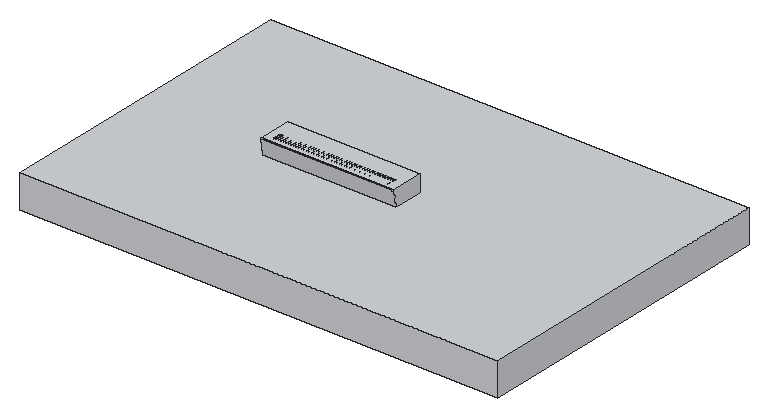
Revit family
Parameters
  Width = 1' - 0"
  URL = "www.coldspringgranite.com"
  TypicalJointSize = 0' - 0 1/4"
  StopCarborundumRight = 0' - 3"
  StopCarborundumLeft = 0' - 3"
  StoneMaterial = none
  SettingSpace = AirGap + Height  # 0' - 7 1/8"
  RightCarborundumVisibilityOn = not(RightCarborundumVisibilityOff)  # no
  RightCarborundumVisibilityOff = StopCarborundumRight > 0' 0"  # yes
  Product Name = "Stair Tread Stone for cubic Applications - Splayed Front Edge with Four Carborundum Strips"
  Product Documentation Link = "http://www.coldspringgranite.com/BIM_Families/Family_Detail/Stair_Tread_Stone_for_Cubic_Application_–_Splayed_Front_Edge_with_Four_Carborundum_Strips/"
  PhoneNumber = "800-551-7502"
  Notes = ""
  NosingRadius = 0' - 0 1/4"
  Model = "N/A"
  Manufacturer = "Cold Spring Granite Company"
  Low Emitting Material = yes
  Low Emitting Finish = yes
  Location = "17482 Granite West Road, Cold Spring, MN 56320-4578"
  Length = 4' - 0"
  LeftCarborundumVisibilityOff = StopCarborundumLeft > 0' 0"  # yes
  LEED Credit = ""
  Keynote = "096340"
  JointRightOff = no
  JointRight = if(JointRightOff, 0' 0", TypicalJointSize / 2)  # 0' - 0 1/8"
  JointLeftOff = no
  JointLeft = if(JointLeftOff, 0' 0", TypicalJointSize / 2)  # 0' - 0 1/8"
  Height = 0' - 6 1/8"
  HeadSize = 0' - 6"
  Description = "Stone Stair Tread Cubic Splayed Quadruple Carborundum"
  Default Elevation = 0' - 0"
  CarborundumWidth = 0' - 0 3/8"
  LeftCarborundumVisibilityOn = not(LeftCarborundumVisibilityOff)  # no
  CarborundumSpacing = 0' - 0 1/2"
  CarborundumSetBack = 0' - 2"
  CarborundumDepth = 0' - 0 1/4"
  BackJointWidth = 0' - 3"
  Assembly Code = "C2010100"
  AngledHeadDepth = 0' - 1"
  AirGap = 0' - 1"
  ADA Compliant = yes
Reference planes (in)
  plane 1 "Center (Front/Back)": y = 0
  plane 2: z = 0
  plane 3 "Center (Left/Right)": x = 0
  plane 4 "StoneLeft": x = 0.125
  plane 5 "StoneRight": x = 47.875
  plane 6 "Right": x = 48
  plane 7 "CarborundumLeft": x = 3.125
  plane 8 "CarborundumRight": x = 44.875
  plane 9 "StoneBack": y = 12
  plane 10 "StoneFace": z = 7.125
  plane 11 "CarborundumBottom": z = 6.875
  plane 12 "HeadBottom": z = 1.125
  plane 13 "StoneBottom": z = 1
  plane 14 "FirstCarborundumFront": y = 2
  plane 15 "FirstCarborundumBack": y = 2.375
  plane 16 "BackJoint": y = 3
  plane 17 "AngleHead": y = 1
  plane 18 "NosingRadiusBottom": z = 6.875
  plane 19 "SecondCarborundumFront": y = 2.875
  plane 20 "SecondCarborundumBack": y = 3.25
  plane 21 "ThirdCarborundumFront": y = 3.75
  plane 22 "ThirdCarborundumBack": y = 4.125
  plane 23 "FourthCarborundumFront": y = 4.625
  plane 24 "FourthCarborundumBack": y = 5
Forms (in)
  Extrusion 1, solid
    sketch origin (0, 0, 0) x (1, 0, 0) y (0, 1, 0)
      loop
        line (-48, 64.5) -> (-48, -48) -> (124.0595, -48) -> (124.0595, 64.5) -> (-48, 64.5)
    from 0 to -12
  Extrusion 2, solid, material <- "StoneMaterial", detail levels medium+fine
    sketch origin (0, 0, 0) x (0, 1, 0) y (0, 0, 1)
      loop
        line (12, 1) -> (12, 7.125) -> (0.29512, 7.125)
        arc (0.29512, 7.125) -> (0.10436, 7.03659) -> (0.04852, 6.8339) r 0.25
        line (0.04852, 6.8339) -> (1.02083, 1) -> (12, 1)
    from 0.125 to 47.875
  Extrusion 3, void
    sketch origin (0, 0, 0) x (0, 1, 0) y (0, 0, 1)
      loop
        line (2.375, 7.125) -> (2, 7.125) -> (2, 6.875) -> (2.375, 6.875) -> (2.375, 7.125)
      loop
        line (3.25, 7.125) -> (2.875, 7.125) -> (2.875, 6.875) -> (3.25, 6.875) -> (3.25, 7.125)
      loop
        line (4.125, 7.125) -> (3.75, 7.125) -> (3.75, 6.875) -> (4.125, 6.875) -> (4.125, 7.125)
      loop
        line (5, 7.125) -> (4.625, 7.125) -> (4.625, 6.875) -> (5, 6.875) -> (5, 7.125)
    from 3.125 to 44.875
  Extrusion 4, void
    sketch origin (0, 0, 0) x (0, 1, 0) y (0, 0, 1)
      loop
        line (3, 1.125) -> (1, 1.125) -> (1, 1) -> (3, 1) -> (3, 1.125)
    from 0.125 to 47.875
  Extrusion 5, solid, material <- "StoneMaterial", detail levels coarse
    sketch origin (0, 0, 0) x (0, 1, 0) y (0, 0, 1)
      loop
        line (12, 1) -> (12, 7.125) -> (0, 7.125) -> (1.02083, 1) -> (12, 1)
    from 0 to 48
Cuts and joins
  Extrusion 3, Extrusion 4 cuts Extrusion 2
Lines and regions (in)
  Masking region 1, detail levels coarse
    outline origin (0, 0, 0) x (1, 0, 0) y (0, 1, 0)
      loop
        line (0, 12) -> (0, 0) -> (48, 0) -> (48, 12) -> (0, 12)
  Masking region 2, detail levels medium+fine
    outline origin (0, 0, 0) x (1, 0, 0) y (0, 1, 0)
      loop
        line (0.125, 12) -> (0.125, 0) -> (47.875, 0) -> (47.875, 12) -> (0.125, 12)
  Masking region 3, detail levels coarse
    outline origin (0, 0, 0) x (1, 0, 0) y (0, 0, 1)
      loop
        line (0, 7.125) -> (0, 1) -> (48, 1) -> (48, 7.125) -> (0, 7.125)
  Masking region 4, detail levels medium+fine
    outline origin (0, 0, 0) x (1, 0, 0) y (0, 0, 1)
      loop
        line (0.125, 7.125) -> (0.125, 1.125) -> (47.875, 1.125) -> (47.875, 7.125) -> (0.125, 7.125)
  Masking region 5, detail levels fine
    outline origin (0, 0, 0) x (0, 1, 0) y (0, 0, 1)
      loop
        line (12, 7.125) -> (5, 7.125) -> (5, 6.875) -> (4.625, 6.875) -> (4.625, 7.125) -> (4.125, 7.125) -> (4.125, 6.875) -> (3.75, 6.875) -> (3.75, 7.125) -> (3.25, 7.125) -> (3.25, 6.875) -> (2.875, 6.875) -> (2.875, 7.125) -> (2.375, 7.125) -> (2.375, 6.875) -> (2, 6.875) -> (2, 7.125) -> (0.29512, 7.125) -> (0, 7.125) -> (0.04852, 6.8339) -> (1, 1.125) -> (3, 1.125) -> (3, 1) -> (12, 1) -> (12, 7.125)
  Masking region 6, visible <- "LeftCarborundumVisibilityOn", detail levels medium
    outline origin (0, 0, 0) x (0, 1, 0) y (0, 0, 1)
      loop
        line (12, 1) -> (12, 7.125) -> (5, 7.125) -> (5, 6.875) -> (4.625, 6.875) -> (4.625, 7.125) -> (4.125, 7.125) -> (4.125, 6.875) -> (3.75, 6.875) -> (3.75, 7.125) -> (3.25, 7.125) -> (3.25, 6.875) -> (2.875, 6.875) -> (2.875, 7.125) -> (2.375, 7.125) -> (2.375, 6.875) -> (2, 6.875) -> (2, 7.125) -> (0.29512, 7.125) -> (0, 7.125) -> (0.04852, 6.8339) -> (1, 1.125) -> (3, 1.125) -> (3, 1) -> (12, 1)
  Masking region 7, visible <- "LeftCarborundumVisibilityOff", detail levels medium
    outline origin (0, 0, 0) x (0, 1, 0) y (0, 0, 1)
      loop
        line (12, 1) -> (12, 7.125) -> (0.29512, 7.125) -> (0, 7.125) -> (0.04852, 6.8339) -> (1, 1.125) -> (3, 1.125) -> (3, 1) -> (12, 1)
  Masking region 8, detail levels coarse
    outline origin (0, 0, 0) x (0, 1, 0) y (0, 0, 1)
      loop
        line (12, 1) -> (12, 7.125) -> (0, 7.125) -> (1.02083, 1) -> (12, 1)
  Masking region 9, visible <- "RightCarborundumVisibilityOn", detail levels medium
    outline origin (48, 0, 0) x (0, 1, 0) y (0, 0, 1)
      loop
        line (0.04852, 6.8339) -> (1, 1.125) -> (3, 1.125) -> (3, 1) -> (12, 1) -> (12, 7.125) -> (5, 7.125) -> (5, 6.875) -> (4.625, 6.875) -> (4.625, 7.125) -> (4.125, 7.125) -> (4.125, 6.875) -> (3.75, 6.875) -> (3.75, 7.125) -> (3.25, 7.125) -> (3.25, 6.875) -> (2.875, 6.875) -> (2.875, 7.125) -> (2.375, 7.125) -> (2.375, 6.875) -> (2, 6.875) -> (2, 7.125) -> (0.29512, 7.125) -> (0, 7.125) -> (0.04852, 6.8339)
  Masking region 10, visible <- "RightCarborundumVisibilityOff", detail levels medium
    outline origin (48, 0, 0) x (0, 1, 0) y (0, 0, 1)
      loop
        line (0.29512, 7.125) -> (0, 7.125) -> (0.04852, 6.8339) -> (1, 1.125) -> (3, 1.125) -> (3, 1) -> (12, 1) -> (12, 7.125) -> (0.29512, 7.125)
  symbolic lines, detail levels medium+fine
    curve 1: line (3.125, 2.375, 0) -> (44.875, 2.375, 0)
    curve 2: line (44.875, 2, 0) -> (3.125, 2, 0)
    curve 3: line (44.875, 2.375, 0) -> (44.875, 2, 0)
    curve 8: line (3.125, 2.375, 0) -> (3.125, 2, 0)
    curve 9: arc (0, 0.29512, 7.125) -> (0, 0.10436, 7.03659) -> (0, 0.04852, 6.8339) r 0.25
    curve 10: line (44.875, 4.125, 0) -> (3.125, 4.125, 0)
    curve 11: line (44.875, 3.75, 0) -> (3.125, 3.75, 0)
    curve 12: line (44.875, 3.25, 0) -> (3.125, 3.25, 0)
    curve 13: line (44.875, 2.875, 0) -> (3.125, 2.875, 0)
    curve 14: line (3.125, 4.125, 0) -> (3.125, 3.75, 0)
    curve 15: line (3.125, 3.25, 0) -> (3.125, 2.875, 0)
    curve 16: line (44.875, 4.125, 0) -> (44.875, 3.75, 0)
    curve 17: line (44.875, 3.25, 0) -> (44.875, 2.875, 0)
    curve 18: line (3.125, 5, 0) -> (44.875, 5, 0)
    curve 19: line (3.125, 4.625, 0) -> (3.125, 5, 0)
    curve 20: line (44.875, 4.625, 0) -> (3.125, 4.625, 0)
    curve 21: line (44.875, 5, 0) -> (44.875, 4.625, 0)
  reference lines
    curve 4: line (0, 0, 7.125) -> (0, 1, 1.125)
    curve 5: line (0, 1.97306, -3.19269) -> (0, 0.77201, 4.01361)
    curve 6: line (0, 0.29512, 6.875) -> (0, 0.29512, 10.625)
    curve 7: line (0, 0.29512, 6.875) -> (0, -2.66407, 6.3818)
Dimensions and locks (in)
  "Length": plane 3 "Center (Left/Right)" to plane 6 "Right"
  "JointLeft": plane 3 "Center (Left/Right)" to plane 4 "StoneLeft"
  "JointRight": plane 5 "StoneRight" to plane 6 "Right"
  "Width": plane 1 "Center (Front/Back)" to plane 9 "StoneBack"
  "StopCarborundumLeft": plane 7 "CarborundumLeft" to plane 4 "StoneLeft"
  "StopCarborundumRight": plane 5 "StoneRight" to plane 8 "CarborundumRight"
  "Height": plane 10 "StoneFace" to plane 13 "StoneBottom"
  "SettingSpace": plane 10 "StoneFace" to plane 2
  "CarborundumDepth": plane 10 "StoneFace" to plane 11 "CarborundumBottom"
  "CarborundumSetBack": plane 14 "FirstCarborundumFront" to plane 1 "Center (Front/Back)"
  "CarborundumWidth": plane 15 "FirstCarborundumBack" to plane 14 "FirstCarborundumFront"
  "HeadSize": plane 10 "StoneFace" to plane 12 "HeadBottom"
  "BackJointWidth": plane 16 "BackJoint" to plane 1 "Center (Front/Back)"
  "AngledHeadDepth": plane 17 "AngleHead" to plane 1 "Center (Front/Back)"
  "NosingRadius": plane 10 "StoneFace" to plane 18 "NosingRadiusBottom"
  "NosingRadius": curve 4 to curve 5
  "CarborundumSpacing": plane 19 "SecondCarborundumFront" to plane 15 "FirstCarborundumBack"
  "CarborundumWidth": plane 20 "SecondCarborundumBack" to plane 19 "SecondCarborundumFront"
  "CarborundumSpacing": plane 21 "ThirdCarborundumFront" to plane 20 "SecondCarborundumBack"
  "CarborundumWidth": plane 22 "ThirdCarborundumBack" to plane 21 "ThirdCarborundumFront"
  "CarborundumSpacing": plane 23 "FourthCarborundumFront" to plane 22 "ThirdCarborundumBack"
  "CarborundumWidth": plane 24 "FourthCarborundumBack" to plane 23 "FourthCarborundumFront"
  "NosingRadius": radius of Extrusion 2 sketch curve
  angle plane 18 "NosingRadiusBottom" to curve 6 = 90.00°
  angle curve 5 to curve 7 = 90.00°
  aligned and locked: Extrusion 1 to plane 2
  aligned and locked: level to Extrusion 1
  aligned and locked: curve 1 to plane 15 "FirstCarborundumBack"
  aligned and locked: curve 3 to plane 8 "CarborundumRight"
  aligned and locked: plane 1 "Center (Front/Back)" to curve 4
  aligned and locked: plane 10 "StoneFace" to curve 4
  aligned and locked: plane 12 "HeadBottom" to curve 4
  aligned and locked: plane 17 "AngleHead" to curve 4
  aligned and locked: plane 9 "StoneBack" to Extrusion 2 sketch curve
  aligned and locked: plane 13 "StoneBottom" to Extrusion 2 sketch curve
  aligned and locked: plane 10 "StoneFace" to Extrusion 2 sketch curve  (x2)
  aligned and locked: curve 6 to Extrusion 2 sketch curve
  aligned and locked: curve 7 to Extrusion 2 sketch curve
  aligned and locked: curve 4 to Extrusion 2 sketch curve
  aligned and locked: plane 5 "StoneRight" to Extrusion 2
  aligned and locked: Extrusion 2 to plane 4 "StoneLeft"
  aligned and locked: Extrusion 3 sketch curve to plane 10 "StoneFace"  (x4)
  aligned and locked: Extrusion 3 sketch curve to plane 15 "FirstCarborundumBack"
  aligned and locked: plane 11 "CarborundumBottom" to Extrusion 3 sketch curve  (x4)
  aligned and locked: plane 14 "FirstCarborundumFront" to Extrusion 3 sketch curve
  aligned: plane 5 "StoneRight" to Extrusion 3
  aligned: Extrusion 3 to plane 4 "StoneLeft"
  aligned and locked: Extrusion 4 sketch curve to plane 12 "HeadBottom"
  aligned and locked: plane 16 "BackJoint" to Extrusion 4 sketch curve
  aligned and locked: plane 13 "StoneBottom" to Extrusion 4 sketch curve
  aligned and locked: Extrusion 4 sketch curve to plane 17 "AngleHead"
  aligned and locked: Extrusion 4 to plane 4 "StoneLeft"
  aligned and locked: plane 5 "StoneRight" to Extrusion 4
  aligned and locked: plane 8 "CarborundumRight" to Extrusion 3
  aligned and locked: Extrusion 3 to plane 7 "CarborundumLeft"
  aligned and locked: plane 9 "StoneBack" to Extrusion 5 sketch curve
  aligned and locked: plane 10 "StoneFace" to Extrusion 5 sketch curve
  aligned and locked: plane 13 "StoneBottom" to Extrusion 5 sketch curve
  aligned and locked: Extrusion 5 sketch curve to cut or joined group of Extrusion 2, Extrusion 3, Extrusion 4
  aligned and locked: plane 6 "Right" to Extrusion 5
  aligned and locked: Extrusion 5 to plane 3 "Center (Left/Right)"
  aligned and locked: Masking region 1 sketch curve to plane 9 "StoneBack"
  aligned and locked: plane 3 "Center (Left/Right)" to Masking region 1 sketch curve
  aligned and locked: Masking region 1 sketch curve to plane 6 "Right"
  aligned and locked: Masking region 1 sketch curve to plane 1 "Center (Front/Back)"
  aligned and locked: Masking region 2 sketch curve to plane 9 "StoneBack"
  aligned and locked: plane 4 "StoneLeft" to Masking region 2 sketch curve
  aligned and locked: Masking region 2 sketch curve to plane 5 "StoneRight"
  aligned and locked: Masking region 2 sketch curve to plane 1 "Center (Front/Back)"
  aligned and locked: cut or joined group of Extrusion 2, Extrusion 3, Extrusion 4 to curve 8
  aligned and locked: Masking region 3 sketch curve to plane 10 "StoneFace"
  aligned and locked: plane 3 "Center (Left/Right)" to Masking region 3 sketch curve
  aligned and locked: plane 13 "StoneBottom" to Masking region 3 sketch curve
  aligned and locked: Masking region 3 sketch curve to plane 6 "Right"
  aligned and locked: Masking region 4 sketch curve to plane 10 "StoneFace"
  aligned and locked: plane 4 "StoneLeft" to Masking region 4 sketch curve
  aligned and locked: Masking region 4 sketch curve to plane 5 "StoneRight"
  aligned and locked: plane 12 "HeadBottom" to Masking region 4 sketch curve
  aligned and locked: plane 10 "StoneFace" to Masking region 5 sketch curve
  aligned and locked: plane 9 "StoneBack" to Masking region 5 sketch curve
  aligned and locked: plane 13 "StoneBottom" to Masking region 5 sketch curve
  aligned and locked: plane 12 "HeadBottom" to Masking region 5 sketch curve
  aligned and locked: plane 16 "BackJoint" to Masking region 5 sketch curve
  aligned and locked: plane 15 "FirstCarborundumBack" to Masking region 5 sketch curve
  aligned and locked: plane 14 "FirstCarborundumFront" to Masking region 5 sketch curve
  aligned and locked: curve 4 to Masking region 5 sketch curve
  aligned and locked: plane 11 "CarborundumBottom" to Masking region 5 sketch curve  (x3)
  aligned and locked: curve 6 to Masking region 5 sketch curve
  aligned and locked: curve 7 to Masking region 5 sketch curve
  aligned and locked: curve 9 to cut or joined group of Extrusion 2, Extrusion 3, Extrusion 4
  aligned and locked: curve 7 to curve 9
  aligned and locked: plane 9 "StoneBack" to Masking region 6 sketch curve
  aligned and locked: plane 10 "StoneFace" to Masking region 6 sketch curve
  aligned and locked: plane 11 "CarborundumBottom" to Masking region 6 sketch curve  (x3)
  aligned and locked: plane 12 "HeadBottom" to Masking region 6 sketch curve
  aligned and locked: plane 13 "StoneBottom" to Masking region 6 sketch curve
  aligned and locked: plane 16 "BackJoint" to Masking region 6 sketch curve
  aligned and locked: plane 15 "FirstCarborundumBack" to Masking region 6 sketch curve
  aligned and locked: plane 14 "FirstCarborundumFront" to Masking region 6 sketch curve
  aligned and locked: curve 4 to Masking region 6 sketch curve
  aligned and locked: curve 6 to Masking region 6 sketch curve
  aligned and locked: curve 7 to Masking region 6 sketch curve
  aligned and locked: plane 9 "StoneBack" to Masking region 7 sketch curve
  aligned and locked: plane 13 "StoneBottom" to Masking region 7 sketch curve
  aligned and locked: plane 12 "HeadBottom" to Masking region 7 sketch curve
  aligned and locked: plane 16 "BackJoint" to Masking region 7 sketch curve
  aligned and locked: curve 4 to Masking region 7 sketch curve
  aligned and locked: curve 6 to Masking region 7 sketch curve
  aligned and locked: curve 7 to Masking region 7 sketch curve
  aligned and locked: plane 9 "StoneBack" to Masking region 8 sketch curve
  aligned and locked: plane 10 "StoneFace" to Masking region 8 sketch curve
  aligned and locked: plane 13 "StoneBottom" to Masking region 8 sketch curve
  aligned and locked: Masking region 8 sketch curve to curve 4
  aligned and locked: curve 4 to Masking region 9 sketch curve
  aligned and locked: Masking region 9 sketch curve to plane 12 "HeadBottom"
  aligned and locked: Masking region 9 sketch curve to plane 13 "StoneBottom"
  aligned and locked: Masking region 9 sketch curve to plane 14 "FirstCarborundumFront"
  aligned and locked: Masking region 9 sketch curve to plane 15 "FirstCarborundumBack"
  aligned and locked: Masking region 9 sketch curve to plane 16 "BackJoint"
  aligned and locked: Masking region 9 sketch curve to plane 11 "CarborundumBottom"
  aligned and locked: Masking region 9 sketch curve to plane 10 "StoneFace"
  aligned and locked: Masking region 9 sketch curve to plane 9 "StoneBack"
  aligned and locked: curve 6 to Masking region 9 sketch curve
  aligned and locked: curve 7 to Masking region 9 sketch curve
  aligned and locked: Masking region 10 sketch curve to plane 10 "StoneFace"
  aligned and locked: curve 4 to Masking region 10 sketch curve
  aligned and locked: Masking region 10 sketch curve to plane 12 "HeadBottom"
  aligned and locked: Masking region 10 sketch curve to plane 13 "StoneBottom"
  aligned and locked: Masking region 10 sketch curve to plane 9 "StoneBack"
  aligned and locked: curve 7 to Masking region 10 sketch curve
  aligned and locked: curve 6 to Masking region 10 sketch curve
  aligned and locked: plane 22 "ThirdCarborundumBack" to Extrusion 3 sketch curve
  aligned and locked: Extrusion 3 sketch curve to plane 21 "ThirdCarborundumFront"
  aligned and locked: plane 20 "SecondCarborundumBack" to Extrusion 3 sketch curve
  aligned and locked: Extrusion 3 sketch curve to plane 19 "SecondCarborundumFront"
  aligned and locked: plane 19 "SecondCarborundumFront" to Masking region 5 sketch curve
  aligned and locked: plane 20 "SecondCarborundumBack" to Masking region 5 sketch curve
  aligned and locked: plane 21 "ThirdCarborundumFront" to Masking region 5 sketch curve
  aligned and locked: plane 22 "ThirdCarborundumBack" to Masking region 5 sketch curve
  aligned and locked: plane 22 "ThirdCarborundumBack" to Masking region 9 sketch curve
  aligned and locked: plane 21 "ThirdCarborundumFront" to Masking region 9 sketch curve
  aligned and locked: plane 20 "SecondCarborundumBack" to Masking region 9 sketch curve
  aligned and locked: plane 19 "SecondCarborundumFront" to Masking region 9 sketch curve
  aligned and locked: plane 11 "CarborundumBottom" to Masking region 9 sketch curve  (x2)
  aligned and locked: plane 22 "ThirdCarborundumBack" to Masking region 6 sketch curve
  aligned and locked: plane 21 "ThirdCarborundumFront" to Masking region 6 sketch curve
  aligned and locked: plane 20 "SecondCarborundumBack" to Masking region 6 sketch curve
  aligned and locked: plane 19 "SecondCarborundumFront" to Masking region 6 sketch curve
  aligned and locked: plane 7 "CarborundumLeft" to curve 2
  aligned and locked: plane 7 "CarborundumLeft" to curve 1
  aligned and locked: plane 8 "CarborundumRight" to curve 2
  aligned and locked: plane 14 "FirstCarborundumFront" to curve 3
  aligned and locked: plane 15 "FirstCarborundumBack" to curve 3
  aligned and locked: plane 14 "FirstCarborundumFront" to curve 8
  aligned and locked: plane 7 "CarborundumLeft" to curve 11
  aligned and locked: plane 8 "CarborundumRight" to curve 10
  aligned and locked: plane 8 "CarborundumRight" to curve 11
  aligned and locked: plane 22 "ThirdCarborundumBack" to curve 16
  aligned and locked: plane 21 "ThirdCarborundumFront" to curve 16
  aligned and locked: plane 20 "SecondCarborundumBack" to curve 17
  aligned and locked: plane 19 "SecondCarborundumFront" to curve 17
  aligned and locked: plane 22 "ThirdCarborundumBack" to curve 14
  aligned and locked: plane 20 "SecondCarborundumBack" to curve 15
  aligned and locked: plane 19 "SecondCarborundumFront" to curve 15
  aligned and locked: plane 24 "FourthCarborundumBack" to Extrusion 3 sketch curve
  aligned and locked: Extrusion 3 sketch curve to plane 23 "FourthCarborundumFront"
  aligned and locked: plane 24 "FourthCarborundumBack" to Masking region 5 sketch curve
  aligned and locked: plane 23 "FourthCarborundumFront" to Masking region 5 sketch curve
  aligned and locked: plane 24 "FourthCarborundumBack" to Masking region 6 sketch curve
  aligned and locked: plane 23 "FourthCarborundumFront" to Masking region 6 sketch curve
  aligned and locked: plane 24 "FourthCarborundumBack" to Masking region 9 sketch curve
  aligned and locked: plane 23 "FourthCarborundumFront" to Masking region 9 sketch curve
  aligned and locked: plane 7 "CarborundumLeft" to curve 18
  aligned and locked: plane 7 "CarborundumLeft" to curve 20
  aligned and locked: plane 23 "FourthCarborundumFront" to curve 19
  aligned and locked: plane 24 "FourthCarborundumBack" to curve 19
  aligned and locked: plane 7 "CarborundumLeft" to curve 10
  aligned and locked: plane 21 "ThirdCarborundumFront" to curve 14
  aligned and locked: plane 7 "CarborundumLeft" to curve 12
  aligned and locked: plane 7 "CarborundumLeft" to curve 13
  aligned and locked: plane 8 "CarborundumRight" to curve 18
  aligned and locked: plane 8 "CarborundumRight" to curve 20
  aligned and locked: plane 24 "FourthCarborundumBack" to curve 21
  aligned and locked: plane 23 "FourthCarborundumFront" to curve 21
  aligned and locked: plane 8 "CarborundumRight" to curve 12
  aligned and locked: plane 8 "CarborundumRight" to curve 13
  aligned and locked: Masking region 6 to plane 18 "NosingRadiusBottom"
  aligned and locked: Masking region 5 to plane 18 "NosingRadiusBottom"
  aligned and locked: Masking region 9 to plane 18 "NosingRadiusBottom"
Automatic sketch dimensions
  Extrusion 1 sketch curve to Extrusion 1 sketch curve = 14' - 4.0595"
  Extrusion 1 sketch curve to Extrusion 1 sketch curve = 9' - 4 1/2"
  curve 6 to plane 18 "NosingRadiusBottom" = 0' - 0"
  curve 7 to curve 6 = 0' - 0"
  curve 5 to plane 14 "FirstCarborundumFront" = 0' - 0.02694"
  Masking region 5 sketch curve to plane 1 "Center (Front/Back)" = 0' - 0"
  Masking region 5 sketch curve to plane 10 "StoneFace" = 0' - 0"  (x2)
  Masking region 6 sketch curve to plane 1 "Center (Front/Back)" = 0' - 0"
  Masking region 6 sketch curve to plane 10 "StoneFace" = 0' - 0"
  Masking region 7 sketch curve to plane 1 "Center (Front/Back)" = 0' - 0"
  Masking region 7 sketch curve to plane 10 "StoneFace" = 0' - 0"
  Masking region 9 sketch curve to plane 1 "Center (Front/Back)" = 0' - 0"
  Masking region 10 sketch curve to plane 1 "Center (Front/Back)" = 0' - 0"
  Masking region 10 sketch curve to plane 16 "BackJoint" = 0' - 0"
  plane 10 "StoneFace" to Masking region 5 sketch curve = 0' - 0"
  Masking region 5 sketch curve to plane 11 "CarborundumBottom" = 0' - 0"
  Masking region 9 sketch curve to Masking region 9 sketch curve = 0' - 0"  (x4)
  Masking region 6 sketch curve to Masking region 6 sketch curve = 0' - 0"  (x4)
  Masking region 5 sketch curve to Masking region 5 sketch curve = 0' - 0"
  Masking region 9 sketch curve to plane 10 "StoneFace" = 0' - 0"
Nested families (in)
  nested 1: "CopyRight" at (0, 0, 0), type "CopyRight"
Definition of nested family "CopyRight"
  Parameters (values of type "CopyRight")
    CopyRight = "Cold Spring Granite Company"
  Reference planes (in)
    plane 1: z = 0
